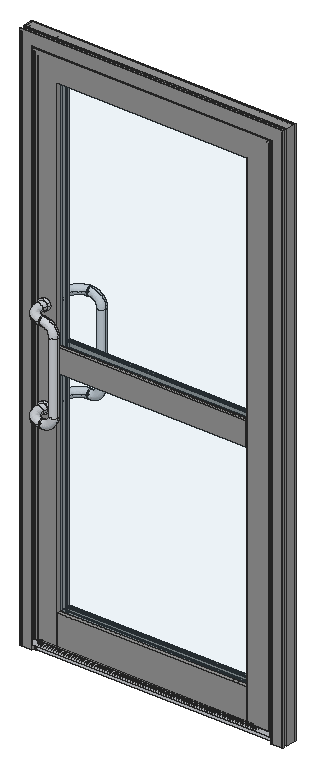
Revit family "Дверь внутреннего открывания одностворчатая с цоколем", category Двери, Revit 2019
Family settings
  Основа = Стена
  Номер OmniClass = 23.30.20.17.11
  Заголовок OmniClass = Fixed Windows
  Всегда вертикально = Да
  При загрузке вырезать с полостями = Нет
  Общий = Нет
  Точка расчета площади = Нет
Parameters (values of type "V60 Дверь одностворчатая с цоколем")
  Width [instance] = 0.00 mm  # constant formula
  Направление открывания [instance] = Створка дверная внутр с цоколем : Поворотная право
  Монтажный зазор.Верх [instance] = 25.00 mm
  VIDNAL_Ширина проема [instance] = ADSK_Ширина рамы + Монтажный зазор.Правый + Монтажный зазор.Левый  # 1050.00 mm
  VIDNAL_Цвет конструкции = ""
  VIDNAL_Фурнитура [instance] = "САТУРН"
  VIDNAL_Формула стеклопакета [instance] = ""
  VIDNAL_Толщина стеклопакета [instance] = "32"
  VIDNAL_Сопротивление ветровой нагрузке = "1000 Па"
  VIDNAL_Система профилей [instance] = "V60"  # constant formula
  VIDNAL_Площадь изделия [instance] = ADSK_Ширина рамы * ADSK_Высота рамы  # 2.10 m²
  VIDNAL_Звукоизоляция [instance] = "34 дБА"
  VIDNAL_Глубина вставки [instance] = 150.00 mm
  VIDNAL_Высота ручки = 1000.00 mm
  VIDNAL_Высота проема [instance] = ADSK_Высота рамы + Монтажный зазор.Верх  # 2125.00 mm
  Глубина профиля [instance] = 60.00 mm  # constant formula
  Rough Width = 0.00 mm  # constant formula
  Rough Height = 0.00 mm  # constant formula
  Описание = "Окно"
  Обозначение = "ГОСТ 23747-2015"
  Наименование = ""
  Монтажный зазор.Правый [instance] = 25.00 mm
  Монтажный зазор.Левый [instance] = 25.00 mm
  Марка проема [instance] = ""
  Model = ""
  Стекло = АС_Стекло
  Рама = Aluminum
  Type Comments = ""
  Assembly Code = ""
  Wall Closure = (empty or 0)
  Height [instance] = 0.00 mm  # constant formula
  Аналитическая конструкция = "<Нет>"
  VIDNAL_Возухопроницаемость [instance] = "3,09 м²·ч"
  VIDNAL_Водонепроницаемость [instance] = "600"
  VIDNAL_Rприв. профиля со стеклопакетом [instance] = "0.52 (м²·С)/Вт"
  ADSK_Ширина рамы [instance] = 1000.00 mm
  ADSK_Позиция [instance] = ""
  ADSK_Завод-изготовитель [instance] = "VIDNAL"  # constant formula
  ADSK_Высота рамы [instance] = 2100.00 mm
Reference planes
  plane 1 "Глубина профиля": y = -100
  plane 2: z = 0
  plane 3 "Слева": x = -922.6
  plane 4 "Справа": x = 127.4
  plane 5 "низ створки": z = 40
  plane 6 "ВЕРХ": z = 2125
  plane 7 "Внутренняя": y = -190
  plane 8 "Вставка двери": y = -40
  plane 9 "рама лев": x = -897.6
  plane 10 "рама прав": x = 102.4
  plane 11 "рама верх": z = 2100
  plane 12: y = 190
  plane 13 "верх створки": z = 2050
  plane 14 "низ порога": z = 4.5
  plane 15 "р": x = -847.6
  plane 16 "с": x = 52.4
Forms (mm)
  Extrusion 1, void, detail levels medium+fine
    sketch origin (0, 38, 0) x (0, 0, 1) y (-1, 0, 0)
      loop
        line (2125, -127.4) -> (2125, 922.6) -> (0, 922.6) -> (0, -127.4) -> (2125, -127.4)
    from -152 to 228
  Sweep 2, solid, material "Aluminum" <- "Рама"
    path origin (0, -40, 0) x (0, 0, -1) y (-1, 0, 0)
      loop
        line (0, 897.6) -> (-2100, 897.6) -> (-2100, -102.4) -> (0, -102.4)
    profile "Профиль дверной рамы внутр : Профиль дверной рамы внутр" origin (-897.6, -40, 1050) x (1, 0, 0) y (0, 1, 0)
      loop
        line (2, -29.75) -> (2, -38.25) -> (6.75, -38.25) -> (6.75, -50) -> (8.75, -50) -> (8.75, -51.75) -> (6.75, -51.75) -> (6.75, -58.25) -> (43.25, -58.25) -> (43.25, -51.75) -> (41.25, -51.75) -> (41.25, -50) -> (49.75, -50) -> (49.75, -29.75) -> (2, -29.75)
      loop
        line (1.874, -10) -> (1.874, -28) -> (50.126, -28) -> (50.126, -10) -> (1.874, -10)
      loop
        line (6.75, -8.25) -> (43.25, -8.25) -> (43.25, -6.55) -> (45, -6.55) -> (45, -8.25) -> (50.25, -8.25) -> (50.25, -1.75) -> (45, -1.75) -> (45, -3.45) -> (43.25, -3.45) -> (43.25, -1.75) -> (6.75, -1.75) -> (6.75, -8.25)
      loop
        line (67, 0) -> (0, 0) -> (0, -2.5) -> (1.5, -2.5) -> (1.5, -1.5) -> (5, -1.5) -> (5, -8.5) -> (1.5, -8.5) -> (1.5, -7.5) -> (0, -7.5) -> (0, -41.495) -> (2, -41.495) -> (2, -40) -> (5, -40) -> (5, -58.25) -> (2, -58.25) -> (2, -56.495) -> (0, -56.495) -> (0, -60) -> (45, -60) -> (45, -51.75) -> (55, -51.75) -> (55, -50) -> (52, -50) -> (52, -1.75) -> (60, -1.75) -> (60, -4.2) -> (62, -4.2) -> (62, -3.2) -> (61, -3.2) -> (61, -1.2) -> (66, -1.2) -> (66, -3.2) -> (65, -3.2) -> (65, -4.2) -> (67, -4.2) -> (67, 0)
  Sweep 3, solid
    path origin (0, -40, 0) x (0, 0, -1) y (-1, 0, 0)
      loop
        line (-40, 847.6) -> (-40, -52.4)
    profile "Профили притвора V60 286 : Профили притвора V60 286" origin (-397.6, -40, 40) x (0, 0, -1) y (0, 1, 0)
      loop
        line (1.75, -30.5) -> (-5, -30.5) -> (-5, -32) -> (0, -32) -> (0, -54.5) -> (-2, -54.5) -> (-2, -56) -> (0, -56) -> (0, -60) -> (20, -60) -> (20, -55) -> (17.7, -55) -> (17.7, -56) -> (18.7, -56) -> (18.7, -58.25) -> (13.7, -58.25) -> (13.7, -56) -> (14.7, -56) -> (14.7, -55) -> (12.5, -55) -> (12.5, -58.25) -> (1.75, -58.25) -> (1.75, -30.5)
  Sweep 4, solid
    path origin (0, -40, 0) x (0, 0, -1) y (-1, 0, 0)
      loop
        line (-40, 832.6) -> (-40, -37.4)
    profile "Профили притвора V60 186 : Профили притвора V60 186" origin (-397.6, -40, 40) x (0, 0, -1) y (0, 1, 0)
      loop
        line (0, 0) -> (0, -2.7) -> (-1.5, -2.7) -> (-1.5, -7.2) -> (0, -7.2) -> (0, -14.2) -> (8.5, -14.2) -> (8.5, -12.5) -> (7.2, -13) -> (1.75, -13) -> (1.75, -9.7) -> (7.2, -9.7) -> (8.5, -10.2) -> (8.5, -8.5) -> (1.75, -8.5) -> (1.75, -1.5) -> (8.5, -1.5) -> (8.5, 0) -> (0, 0)
  Sweep 5, solid
    path origin (0, -40, 0) x (0, 0, -1) y (-1, 0, 0)
      loop
        line (-4.5, 845.6) -> (-4.5, -50.4)
    profile "Профиль порога : Профиль порога" origin (-397.6, -40, 4.5) x (0, 0, -1) y (0, 1, 0)
      loop
        line (-19.126, -22.61) -> (-16.126, -24.79) -> (-16.126, -26.25) -> (-14.177, -26.25) -> (-13.323, -26.73) -> (-12.385, -28.27) -> (-11.531, -28.75) -> (-9.469, -28.75) -> (-8.615, -28.27) -> (-7.677, -26.73) -> (-6.823, -26.25) -> (-4.874, -26.25) -> (-4.874, -24.79) -> (-1.874, -22.61) -> (-1.874, -16.89) -> (-4.874, -14.71) -> (-4.874, -13.25) -> (-6.823, -13.25) -> (-7.677, -12.77) -> (-8.615, -11.23) -> (-9.469, -10.75) -> (-11.531, -10.75) -> (-12.385, -11.23) -> (-13.323, -12.77) -> (-14.177, -13.25) -> (-16.126, -13.25) -> (-16.126, -14.71) -> (-19.126, -16.89) -> (-19.126, -22.61)
      loop
        line (-19.25, -42.057) -> (-19.25, -52.75) -> (-1.75, -52.75) -> (-1.75, -42.057)
        arc (-1.75, -42.057) -> (-4.892, -42.649) -> (-7.464, -40.75) r 4
        line (-7.464, -40.75) -> (-5.862, -39.825)
        arc (-5.862, -39.825) -> (-1.85, -38.75) -> (-5.862, -37.675) r 2.15
        line (-5.862, -37.675) -> (-7.464, -36.75) -> (-7.464, -35.25) -> (-5.862, -34.325)
        arc (-5.862, -34.325) -> (-1.85, -33.25) -> (-5.862, -32.175) r 2.15
        line (-5.862, -32.175) -> (-7.537, -30.5) -> (-13.463, -30.5) -> (-15.138, -32.175)
        arc (-15.138, -32.175) -> (-19.15, -33.25) -> (-15.138, -34.325) r 2.15
        line (-15.138, -34.325) -> (-13.536, -35.25) -> (-13.536, -36.75) -> (-15.138, -37.675)
        arc (-15.138, -37.675) -> (-19.15, -38.75) -> (-15.138, -39.825) r 2.15
        line (-15.138, -39.825) -> (-13.536, -40.75)
        arc (-13.536, -40.75) -> (-16.108, -42.649) -> (-19.25, -42.057) r 4
      loop
        line (-21, -54.5) -> (0, -54.5) -> (0, -9) -> (-21, -9) -> (-21, -54.5)
Lines and regions (mm)
  symbolic lines, detail levels fine
    curve 1: line (-163.1, -40, 40) -> (-163.1, -100, 40)
    curve 4: line (-163.1, -40, 2125) -> (-163.1, -100, 2125)
    curve 6: line (-163.1, -100, 2100) -> (-163.1, -40, 2100)
  symbolic lines
    curve 2: line (-163.1, -40, 80) -> (-163.1, -40, 40)
    curve 3: line (-163.1, -100, 40) -> (-163.1, -100, 80)
    curve 5: line (-163.1, -40, 2100) -> (-163.1, -40, 2125)
    curve 7: line (-163.1, -100, 2125) -> (-163.1, -100, 2100)
  symbolic lines, detail levels coarse
    curve 8: line (127.4, -40, 2125) -> (127.4, -40, 40)
    curve 9: line (127.4, -100, 2125) -> (127.4, -100, 40)
Text (mm)
  text "Наружный" at (-2011.448, 646.123, 0), in view "Линия этажа"
  text "Внутренний" at (-2011.448, -562.523, 0), in view "Линия этажа"
  text "Наружный" at (0, 1108.87, 3415.022), in view "Слева"
  text "Наружный" at (0, 464.664, 3176.206), in view "Справа"
Dimensions and locks
  plane 3 "Слева" to plane 4 "Справа" = 1050.00 mm
  "Монтажный зазор.Правый": plane 10 "рама прав" to plane 4 "Справа"
  plane 5 "низ створки" to plane 5 "низ створки" = 0.00 mm
  "ADSK_Ширина рамы": plane 9 "рама лев" to plane 10 "рама прав"
  "Монтажный зазор.Левый": plane 3 "Слева" to plane 9 "рама лев"
  "Монтажный зазор.Верх": plane 11 "рама верх" to plane 6 "ВЕРХ"
  "VIDNAL_Глубина вставки": plane 8 "Вставка двери" to plane 7 "Внутренняя"
  "Глубина профиля": plane 8 "Вставка двери" to plane 1 "Глубина профиля"
  plane 9 "рама лев" to plane 15 "р" = 50.00 mm
  plane 16 "с" to plane 10 "рама прав" = 50.00 mm
  plane 11 "рама верх" to plane 13 "верх створки" = 50.00 mm
  locked: plane 14 "низ порога" to plane 2 at 4.5
  locked: plane 5 "низ створки" to plane 2 at 40
  "ADSK_Высота рамы": plane 11 "рама верх" to plane 2
  aligned and locked: plane 7 "Внутренняя" to host wall
  aligned and locked: plane 8 "Вставка двери" to curve 5
  aligned and locked: level to plane 2
  aligned and locked: host wall to Extrusion 1  (x2)
  aligned and locked: plane 4 "Справа" to Extrusion 1 sketch curve
  aligned and locked: plane 15 "р" to nested 1
  aligned and locked: plane 16 "с" to nested 1
  aligned and locked: nested 1 to plane 13 "верх створки"
  aligned and locked: nested 1 to plane 5 "низ створки"
  aligned and locked: nested 1 to plane 8 "Вставка двери"
Automatic sketch dimensions
  Extrusion 1 sketch curve to level = 0.00 mm
  plane 3 "Слева" to Extrusion 1 sketch curve = 0.00 mm
  Extrusion 1 sketch curve to plane 6 "ВЕРХ" = 0.00 mm
  curve 5 to plane 8 "Вставка двери" = 0.00 mm
  plane 5 "низ створки" to curve 8 = 0.00 mm
  curve 8 to plane 8 "Вставка двери" = 0.00 mm
  curve 9 to plane 1 "Глубина профиля" = 0.00 mm
  plane 5 "низ створки" to curve 9 = 0.00 mm
  plane 6 "ВЕРХ" to curve 9 = 0.00 mm
  plane 6 "ВЕРХ" to curve 8 = 0.00 mm
  plane 5 "низ створки" to curve 1 = 0.00 mm
  curve 1 to plane 1 "Глубина профиля" = 0.00 mm
  curve 7 to plane 1 "Глубина профиля" = 0.00 mm
  curve 2 to plane 8 "Вставка двери" = 0.00 mm
  curve 7 to plane 11 "рама верх" = 0.00 mm
  plane 6 "ВЕРХ" to curve 4 = 0.00 mm
  Sweep 2 sketch curve to plane 9 "рама лев" = 0.00 mm
  plane 10 "рама прав" to Sweep 2 sketch curve = 0.00 mm
  Sweep 2 sketch curve to plane 11 "рама верх" = 0.00 mm
  Sweep 2 sketch curve to level = 0.00 mm  (x2)
  Sweep 3 sketch curve to plane 5 "низ створки" = 0.00 mm
  plane 16 "с" to Sweep 3 sketch curve = 0.00 mm
  plane 15 "р" to Sweep 3 sketch curve = 0.00 mm
  Sweep 4 sketch curve to plane 5 "низ створки" = 0.00 mm
  plane 16 "с" to Sweep 4 sketch curve = 15.00 mm
  plane 15 "р" to Sweep 4 sketch curve = 15.00 mm
  curve 1 to curve 3 = 40.00 mm
  curve 1 to curve 2 = 40.00 mm
  Sweep 5 sketch curve to plane 14 "низ порога" = 0.00 mm
  plane 16 "с" to Sweep 5 sketch curve = 2.00 mm
  plane 15 "р" to Sweep 5 sketch curve = 2.00 mm
Nested families
  nested 1: "Створка дверная внутр с цоколем" at (-847.6, -40, 40), type <- "Направление открывания", type "Поворотная право"
    with Створка.Ширина 900.00 mm, Створка.Высота 2010.00 mm, Высота импоста 980.00 mm, VIDNAL_Высота ручки 980.00 mm
Definition of nested family "Створка дверная внутр с цоколем"
  Parameters (values of type "Поворотная лево")
    отк лев = yes
    от пр = no
    Стекло = none
    Створка.Ширина [instance] = 800.00 mm
    Створка.Высота [instance] = 1800.00 mm
    Створка VIDNAL = none
    Ручка.Справа = yes
    Ручка.Слева = no
    Открытие = yes
    Габариты заполнения = 73.00 mm
    Высота импоста [instance] = 900.00 mm
    Analytic Construction = "<Нет>"
    VIDNAL_Высота ручки [instance] = 1000.00 mm
  Types (2, lengths in mm): name | отк лев | от пр | Створка.Ширина | Створка.Высота | Ручка.Справа | Ручка.Слева | Габариты заполнения | Высота импоста | VIDNAL_Высота ручки
    Поворотная право | no | yes | 600.00 | 900.00 | no | yes | 54.00 | 450.00 | 900.00
    Поворотная лево | yes | no | 800.00 | 1800.00 | yes | no | 73.00 | 900.00 | 1000.00
  Reference planes
    plane 1 "Center (Front/Back)": y = 0
    plane 2 "Bottom": z = 0
    plane 3 "Left": x = 0
    plane 4 "Right": x = 800
    plane 5 "Top": z = 1800
    plane 6: z = 900
    plane 7: x = 73
    plane 8: x = 727
    plane 9: y = -8
    plane 10: y = -40
    plane 11: z = 1727
    plane 12: z = 104
    plane 13 "ручка прав": x = 754
    plane 14 "ручка лев": x = 46
    plane 15: z = 1000
    plane 16: x = 89
    plane 17: x = 711
  Forms (mm)
    Extrusion 1, solid, material <- "Стекло"
      sketch origin (0, 0, -100) x (1, 0, 0) y (0, 0, 1)
        loop
          line (73, 204) -> (727, 204) -> (727, 1827) -> (73, 1827) -> (73, 204)
      from 40 to 8
    Sweep 2, solid, material <- "Створка VIDNAL"
      path origin (0, 0, 0) x (1, 0, 0) y (0, 0, 1)
        loop
          line (0, 0) -> (0, 1800) -> (800, 1800) -> (800, 0)
      profile "Профиль дверной створки внутр : Профиль дверной створки внутр" origin (400, 0, 1800) x (0, 0, 1) y (0, -1, 0)
        loop
          line (-87.61, 48.594) -> (-82.008, 48.594) -> (-72.003, 42.791) -> (-62, 42.791) -> (-62, 54.797) -> (-68.701, 54.797) -> (-68.701, 58.599) -> (-87.61, 58.599) -> (-87.61, 48.594)
        loop
          line (-65, 29.75) -> (-17.25, 29.75) -> (-17.25, 50) -> (-18.75, 50) -> (-18.75, 51.75) -> (-16.75, 51.75) -> (-16.75, 58.25) -> (-60.25, 58.25) -> (-60.25, 51.75) -> (-58.25, 51.75) -> (-58.25, 50) -> (-60.25, 50) -> (-60.25, 38.25) -> (-65, 38.25) -> (-65, 29.75)
        loop
          line (-16.874, 10) -> (-16.874, 28) -> (-65.126, 28) -> (-65.126, 10) -> (-16.874, 10)
        loop
          line (-60.25, 1.75) -> (-23.75, 1.75) -> (-23.75, 8.25) -> (-60.25, 8.25) -> (-60.25, 1.75)
        loop
          line (-22, 0) -> (-22, 8.25) -> (-12, 8.25) -> (-12, 10) -> (-15, 10) -> (-15, 58.25) -> (-7, 58.25) -> (-7, 55.8) -> (-5, 55.8) -> (-5, 56.8) -> (-6, 56.8) -> (-6, 58.8) -> (-1, 58.8) -> (-1, 56.8) -> (-2, 56.8) -> (-2, 55.8) -> (0, 55.8) -> (0, 60) -> (-89.011, 60) -> (-89.011, 44.192) -> (-87.01, 44.192) -> (-87.01, 45.192) -> (-88.011, 45.192) -> (-88.011, 47.193) -> (-83.008, 47.193) -> (-83.008, 45.192) -> (-84.009, 45.192) -> (-84.009, 44.192) -> (-82.008, 44.192) -> (-82.008, 47.206) -> (-72.326, 41.591) -> (-67, 41.591) -> (-67, 8.25) -> (-62, 8.25) -> (-62, 1.5) -> (-82, 1.5) -> (-82, 3.2) -> (-80.5, 3.2) -> (-80.5, 4.2) -> (-84, 4.2) -> (-84, 3.2) -> (-83, 3.2) -> (-83, 1.2) -> (-88, 1.2) -> (-88, 3.2) -> (-87, 3.2) -> (-87, 4.2) -> (-89, 4.2) -> (-89, 0) -> (-22, 0)
    Sweep 3, solid, material <- "Створка VIDNAL"
      path origin (0, 0, 0) x (1, 0, 0) y (0, 0, 1)
        loop
          line (90, 900) -> (710, 900)
      profile "Профиль дверного импоста : Профиль дверного импоста" origin (400, 0, 900) x (0, 0, 1) y (0, -1, 0)
        loop
          line (15.25, 8) -> (-15.25, 8) -> (-15.25, 1.5) -> (15.25, 1.5) -> (15.25, 8)
        loop
          line (20.076, 28) -> (-20.076, 28) -> (-20.076, 10) -> (20.076, 10) -> (20.076, 28)
        loop
          line (15.4, 38.4) -> (15.4, 58.1) -> (-15.4, 58.1) -> (-15.4, 38.4) -> (-20.5, 38.4) -> (-20.5, 29.7) -> (20.5, 29.7) -> (20.5, 38.4) -> (15.4, 38.4)
        loop
          line (-23.69, 58.599) -> (-42.599, 58.599) -> (-42.599, 48.594) -> (-36.996, 48.594) -> (-26.991, 42.791) -> (-16.989, 42.791) -> (-16.989, 54.797) -> (-23.69, 54.797) -> (-23.69, 58.599)
        loop
          line (42.599, 58.599) -> (23.69, 58.599) -> (23.69, 54.797) -> (16.989, 54.797) -> (16.989, 42.791) -> (26.991, 42.791) -> (36.996, 48.594) -> (42.599, 48.594) -> (42.599, 58.599)
        loop
          line (44, 0) -> (44, 4.2) -> (42, 4.2) -> (42, 3.2) -> (43, 3.2) -> (43, 1.2) -> (38, 1.2) -> (38, 3.2) -> (39, 3.2) -> (39, 4.2) -> (35.5, 4.2) -> (35.5, 3.2) -> (37, 3.2) -> (37, 1.5) -> (17, 1.5) -> (17, 8.3) -> (22, 8.3) -> (22, 41.591) -> (27.314, 41.591) -> (36.996, 47.206) -> (36.996, 44.192) -> (38.997, 44.192) -> (38.997, 45.192) -> (37.997, 45.192) -> (37.997, 47.193) -> (42.999, 47.193) -> (42.999, 45.192) -> (41.999, 45.192) -> (41.999, 44.192) -> (44, 44.192) -> (44, 60) -> (-44, 60) -> (-44, 44.192) -> (-41.999, 44.192) -> (-41.999, 45.192) -> (-42.999, 45.192) -> (-42.999, 47.193) -> (-37.997, 47.193) -> (-37.997, 45.192) -> (-38.997, 45.192) -> (-38.997, 44.192) -> (-36.996, 44.192) -> (-36.996, 47.206) -> (-27.314, 41.591) -> (-22, 41.591) -> (-22, 8.3) -> (-17, 8.3) -> (-17, 1.5) -> (-37, 1.5) -> (-37, 3.2) -> (-35.5, 3.2) -> (-35.5, 4.2) -> (-39, 4.2) -> (-39, 3.2) -> (-38, 3.2) -> (-38, 1.2) -> (-43, 1.2) -> (-43, 3.2) -> (-42, 3.2) -> (-42, 4.2) -> (-44, 4.2) -> (-44, 0) -> (44, 0)
    Sweep 4, solid, material <- "Створка VIDNAL"
      path origin (0, 0, 0) x (1, 0, 0) y (0, 0, 1)
        loop
          line (89.011, 0) -> (711, 0)
      profile "Профиль цоколя + проставки : Профиль цоколя + проставки" origin (400.006, 0, 0) x (0, 0, 1) y (0, -1, 0)
        loop
          line (87.676, 10) -> (96.126, 16.14) -> (96.126, 21.86) -> (87.676, 28) -> (15.324, 28) -> (6.874, 21.86) -> (6.874, 16.14) -> (15.324, 10) -> (87.676, 10)
        loop
          line (91.25, 1.75) -> (91.25, 8.25) -> (50, 8.25) -> (50, 1.75) -> (91.25, 1.75)
        loop
          line (6.75, 1.75) -> (48, 1.75) -> (48, 8.25) -> (6.75, 8.25) -> (6.75, 1.75)
        loop
          line (96, 29.75) -> (96, 38.25) -> (91.25, 38.25) -> (91.25, 58.25) -> (6.75, 58.25) -> (6.75, 29.75) -> (96, 29.75)
        loop
          line (118.599, 58.599) -> (99.69, 58.599) -> (99.69, 54.797) -> (92.989, 54.797) -> (92.989, 42.791) -> (102.991, 42.791) -> (112.996, 48.594) -> (118.599, 48.594) -> (118.599, 58.599)
        loop
          line (119, 3.2) -> (119, 1.2) -> (114, 1.2) -> (114, 3.2) -> (115, 3.2) -> (115, 4.2) -> (111.5, 4.2) -> (111.5, 3.2) -> (113, 3.2) -> (113, 1.5) -> (93, 1.5) -> (93, 8.25) -> (98, 8.25) -> (98, 41.591) -> (103.314, 41.591) -> (112.996, 47.206) -> (112.996, 44.192) -> (114.997, 44.192) -> (114.997, 45.192) -> (113.997, 45.192) -> (113.997, 47.193) -> (118.999, 47.193) -> (118.999, 45.192) -> (117.999, 45.192) -> (117.999, 44.192) -> (120, 44.192) -> (120, 60) -> (0, 60) -> (0, 54.5) -> (2, 54.5) -> (2, 58.25) -> (5, 58.25) -> (5, 40) -> (2, 40) -> (2, 41.495) -> (0, 41.495) -> (0, 38.25) -> (5, 38.25) -> (5, 32) -> (0, 32) -> (0, 30.5) -> (5, 30.5) -> (5, 10) -> (1.5, 10) -> (1.5, 11.2) -> (0, 11.2) -> (0, 8.5) -> (5, 8.5) -> (5, 1.5) -> (0, 1.5) -> (0, 0) -> (120, 0) -> (120, 4.2) -> (118, 4.2) -> (118, 3.2) -> (119, 3.2)
  Lines and regions (mm)
    symbolic lines, not visible
      curve 1: line (400, 0, 950) -> (400, 0, 850)
      curve 2: line (350, 0, 900) -> (450, 0, 900)
    symbolic lines, visible <- "от пр"
      curve 3: line (710, -75, 1710) -> (90, -75, 900)
      curve 4: line (90, -75, 900) -> (710, -75, 121)
    symbolic lines, visible <- "отк лев"
      curve 5: line (90, -75, 121) -> (710, -75, 900)
      curve 6: line (710, -75, 900) -> (90, -75, 1710)
  Dimensions and locks
    "Створка.Ширина": plane 4 "Right" to plane 3 "Left"
    "Створка.Высота": plane 5 "Top" to plane 2 "Bottom"
    equal spacing: plane 3 "Left", curve 1, plane 4 "Right"
    equal spacing: plane 5 "Top", curve 2, plane 2 "Bottom"
    plane 4 "Right" to plane 3 "Left" = 800.00 mm
    locked: plane 9 to plane 1 "Center (Front/Back)" at 8
    "Габариты заполнения": plane 3 "Left" to plane 7
    "Габариты заполнения": plane 8 to plane 4 "Right"
    "Габариты заполнения": plane 5 "Top" to plane 11
    plane 14 "ручка лев" to plane 3 "Left" = 46.00 mm
    plane 13 "ручка прав" to plane 4 "Right" = 46.00 mm
    "Высота импоста": plane 6 to plane 2 "Bottom"
    locked: plane 3 "Left" to plane 14 "ручка лев" at 46
    "VIDNAL_Высота ручки": plane 15 to plane 2 "Bottom"
    plane 3 "Left" to plane 16 = 89.00 mm
    plane 17 to plane 4 "Right" = 89.00 mm
    locked: plane 13 "ручка прав" to plane 4 "Right" at 46
    aligned and locked: level to plane 2 "Bottom"
    aligned and locked: plane 6 to curve 4
    aligned and locked: plane 6 to curve 6
    aligned and locked: Extrusion 1 to plane 7
    aligned and locked: Extrusion 1 to plane 9
    aligned and locked: Extrusion 1 to plane 10
    aligned and locked: plane 8 to Extrusion 1
    aligned and locked: Extrusion 1 to plane 12
    aligned and locked: plane 11 to Extrusion 1
    aligned and locked: nested 1 to plane 14 "ручка лев"
    aligned and locked: nested 1 to plane 15
    aligned and locked: plane 15 to nested 2
    aligned and locked: plane 13 "ручка прав" to nested 2
    aligned and locked: plane 14 "ручка лев" to nested 3
    aligned and locked: nested 4 to plane 13 "ручка прав"
    aligned and locked: plane 15 to nested 3
    aligned and locked: nested 4 to plane 15
  Automatic sketch dimensions
    plane 7 to Extrusion 1 sketch curve = 0.00 mm
    Extrusion 1 sketch curve to plane 8 = 0.00 mm
    Extrusion 1 sketch curve to plane 12 = 0.00 mm
    Extrusion 1 sketch curve to plane 11 = 0.00 mm
    plane 7 to curve 6 = 17.00 mm
    plane 7 to curve 5 = 17.00 mm
    plane 7 to curve 4 = 17.00 mm
    curve 5 to plane 8 = 17.00 mm
    curve 3 to plane 8 = 17.00 mm
    plane 12 to curve 5 = 17.00 mm
    plane 12 to curve 4 = 17.00 mm
    curve 3 to plane 11 = 17.00 mm
    curve 4 to plane 8 = 17.00 mm
    curve 6 to plane 11 = 17.00 mm
    Sweep 2 sketch curve to plane 5 "Top" = 0.00 mm
    curve 1 to plane 6 = 50.00 mm
    plane 6 to curve 1 = 50.00 mm
    curve 2 to plane 6 = 0.00 mm
    curve 2 to curve 1 = 50.00 mm
    curve 1 to curve 2 = 50.00 mm
    Sweep 3 sketch curve to plane 6 = 0.00 mm
    plane 16 to Sweep 3 sketch curve = 1.00 mm
    Sweep 3 sketch curve to plane 17 = 1.00 mm
    Sweep 2 sketch curve to plane 3 "Left" = 0.00 mm
    plane 4 "Right" to Sweep 2 sketch curve = 0.00 mm
    Sweep 2 sketch curve to level = 0.00 mm  (x2)
    Sweep 4 sketch curve to level = 0.00 mm
    Sweep 4 sketch curve to plane 17 = 0.00 mm
    plane 16 to Sweep 4 sketch curve = 0.011 mm
  Nested families
    nested 1: "Ручка дверная прямоугольная" at (46, -70, 889.834), visible <- "Ручка.Слева", type "Ручка дверная прямоугольная"
      with Ручка высота установки 110.166 mm
    nested 2: "Ручка дверная прямоугольная" at (754, -70, 889.834) x (-1, 0, 0) z (0, 0, 1), visible <- "Ручка.Справа", type "Ручка дверная прямоугольная"
      with Ручка высота установки 110.166 mm
    nested 3: "Ручка дверная прямоугольная" at (46, 10, 889.834), visible <- "Ручка.Слева", type "Ручка дверная прямоугольная"
      with Ручка высота установки 110.166 mm
    nested 4: "Ручка дверная прямоугольная" at (754, 10, 889.834) x (-1, 0, 0) z (0, 0, 1), visible <- "Ручка.Справа", type "Ручка дверная прямоугольная"
      with Ручка высота установки 110.166 mm
  Definition of nested family "Ручка дверная прямоугольная"
    Parameters (values of type "Ручка дверная прямоугольная")
      Ручка высота установки [instance] = 110.166 mm
    Reference planes
      plane 1 "По центру (Вперед/Назад)": y = 0
      plane 2: z = 0
      plane 3 "По центру (Влево/Вправо)": x = 0
      plane 4: y = -10
      plane 5 "1": x = 55
      plane 6 "2": y = 74
      plane 7 "Высота ручки": z = 110.166
    Forms (mm)
      Extrusion 1, solid
        sketch origin (0, 0, 0) x (1, 0, 0) y (0, 0, 1)
          loop
            circle (0, 285.166) r 20
        from 0 to 10
      Extrusion 2, solid
        sketch origin (0, 0, 0) x (1, 0, 0) y (0, 0, 1)
          loop
            circle (0, -64.834) r 20
        from 0 to 10
      Sweep 3, solid
        path origin (0, 0, 0) x (1, 0, 0) y (0, 1, 0)
          loop
            line (0, 0) -> (0, 20)
            arc (0, 20) -> (15.816, 58.184) -> (54, 74) r 54
            line (54, 74) -> (55, 74)
        profile origin (0, 10, 0) x (-1, 0, 0) y (0, 0, 1)
          loop
            circle (0, 285.166) r 15
          loop
            circle (0, -64.834) r 15
      Sweep 4, solid
        path origin (0, 74, 0) x (-1, 0, 0) y (0, 0, 1)
          loop
            line (-55, 285.166) -> (-60, 285.166)
            arc (-60, 285.166) -> (-88.284, 273.45) -> (-100, 245.166) r 40
            line (-100, 245.166) -> (-100, -24.834)
            arc (-100, -24.834) -> (-88.284, -53.118) -> (-60, -64.834) r 40
            line (-60, -64.834) -> (-55, -64.834)
        profile origin (57.5, 74, 285.166) x (0, 0, -1) y (0, 1, 0)
          loop
            circle (0, 0) r 15
    Dimensions and locks
      plane 1 "По центру (Вперед/Назад)" to plane 4 = 10.00 mm
      locked: plane 4 to plane 6 "2" at 84
      locked: plane 3 "По центру (Влево/Вправо)" to plane 5 "1" at 55
      locked: Extrusion 1 sketch curve to plane 7 "Высота ручки" at 175
      locked: plane 7 "Высота ручки" to Extrusion 2 sketch curve at 175
      locked: Sweep 3 sketch curve to plane 7 "Высота ручки" at 175
      locked: plane 7 "Высота ручки" to Sweep 3 sketch curve at 175
      "Ручка высота установки": plane 7 "Высота ручки" to level
      locked: Sweep 4 sketch curve to Sweep 4 sketch curve at 350
      locked: Sweep 4 sketch curve to Sweep 4 sketch curve at 45  (x2)
      Sweep 4 sketch curve to plane 7 "Высота ручки" = 175.00 mm
      locked: Sweep 4 sketch curve to plane 3 "По центру (Влево/Вправо)" at 100
      aligned and locked: level to plane 2
      aligned and locked: plane 4 to Extrusion 1
      aligned and locked: plane 4 to Extrusion 2
    Automatic sketch dimensions
      Extrusion 1 sketch curve to plane 3 "По центру (Влево/Вправо)" = 0.00 mm
      Extrusion 2 sketch curve to plane 3 "По центру (Влево/Вправо)" = 0.00 mm
      Sweep 3 sketch curve to plane 3 "По центру (Влево/Вправо)" = 0.00 mm
      Sweep 3 sketch curve to plane 6 "2" = 0.00 mm
      Sweep 3 sketch curve to plane 5 "1" = 0.00 mm
      plane 1 "По центру (Вперед/Назад)" to Sweep 3 sketch curve = 0.00 mm
      Sweep 3 sketch curve to plane 5 "1" = 1.00 mm
      Sweep 3 sketch curve to profile plane = 0.00 mm  (x2)
      Sweep 4 sketch curve to plane 6 "2" = 0.00 mm
      Sweep 4 sketch curve to profile plane = 0.00 mm
      plane 5 "1" to Sweep 4 sketch curve = 5.00 mm  (x2)
      radius of Extrusion 1 sketch curve = 20.00 mm
      radius of Extrusion 2 sketch curve = 20.00 mm
      radius of Sweep 3 sketch curve = 15.00 mm  (x2)
      radius of Sweep 4 sketch curve = 15.00 mm
